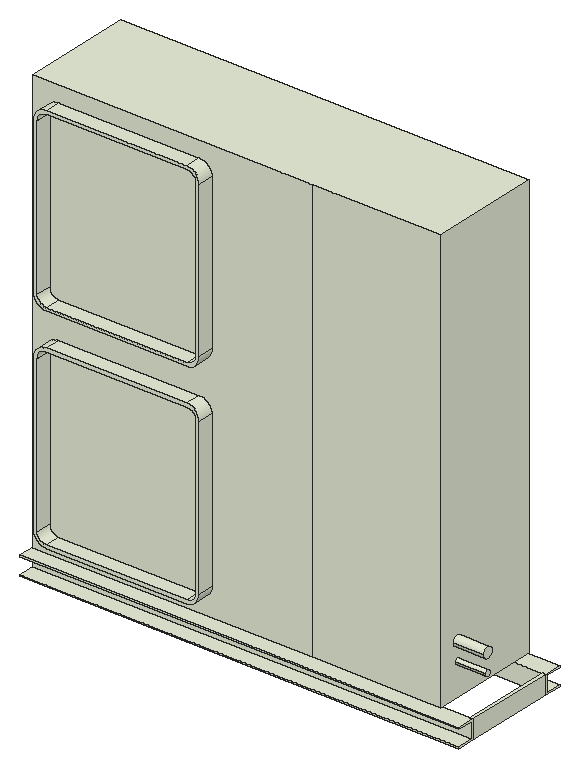
Revit family "Hydrablock 12-14-16", category Attrezzatura meccanica, Revit 2022 (continued)
Automatic sketch dimensions
  curve 322 to curve 342 = 0.000 mm  (x2)
  curve 322 to curve 343 = 0.000 mm  (x2)
  curve 322 to curve 344 = 0.000 mm  (x2)
  curve 322 to curve 345 = 0.000 mm  (x2)
  curve 322 to curve 346 = 0.000 mm  (x2)
  curve 322 to curve 347 = 0.000 mm  (x2)
  curve 322 to curve 348 = 0.000 mm  (x2)
  curve 322 to curve 349 = 0.000 mm  (x2)
  curve 322 to curve 350 = 0.000 mm  (x2)
  curve 322 to curve 351 = 0.000 mm  (x2)
  curve 322 to curve 352 = 0.000 mm  (x2)
  curve 322 to curve 353 = 0.000 mm  (x2)
  curve 322 to curve 354 = 0.000 mm  (x2)
  curve 322 to curve 355 = 0.000 mm  (x2)
  curve 322 to curve 356 = 0.000 mm  (x2)
  curve 322 to curve 357 = 0.000 mm  (x2)
  curve 322 to curve 358 = 0.000 mm  (x2)
  curve 322 to curve 359 = 0.000 mm  (x2)
  curve 322 to curve 360 = 0.000 mm  (x2)
  curve 322 to curve 361 = 0.000 mm  (x2)
  curve 322 to curve 362 = 0.000 mm  (x2)
  curve 322 to curve 363 = 0.000 mm  (x2)
  curve 322 to curve 364 = 0.000 mm  (x2)
  curve 322 to curve 365 = 0.000 mm  (x2)
  curve 322 to curve 366 = 0.000 mm  (x2)
  curve 322 to curve 367 = 0.000 mm  (x2)
  curve 323 to curve 324 = 0.000 mm  (x2)
  curve 323 to curve 325 = 0.000 mm  (x2)
  curve 323 to curve 326 = 0.000 mm  (x2)
  curve 323 to curve 327 = 0.000 mm  (x2)
  curve 323 to curve 332 = 0.000 mm  (x2)
  curve 323 to curve 333 = 0.000 mm  (x2)
  curve 323 to curve 334 = 0.000 mm  (x2)
  curve 323 to curve 335 = 0.000 mm  (x2)
  curve 323 to curve 337 = 0.000 mm  (x2)
  curve 323 to curve 338 = 0.000 mm  (x2)
  curve 323 to curve 339 = 0.000 mm  (x2)
  curve 323 to curve 340 = 0.000 mm  (x2)
  curve 323 to curve 341 = 0.000 mm  (x2)
  curve 323 to curve 342 = 0.000 mm  (x2)
  curve 323 to curve 343 = 0.000 mm  (x2)
  curve 323 to curve 344 = 0.000 mm  (x2)
  curve 323 to curve 345 = 0.000 mm  (x2)
  curve 323 to curve 346 = 0.000 mm  (x2)
  curve 323 to curve 347 = 0.000 mm  (x2)
  curve 323 to curve 348 = 0.000 mm  (x2)
  curve 323 to curve 349 = 0.000 mm  (x2)
  curve 323 to curve 350 = 0.000 mm  (x2)
  curve 323 to curve 351 = 0.000 mm  (x2)
  curve 323 to curve 352 = 0.000 mm  (x2)
  curve 323 to curve 353 = 0.000 mm  (x2)
  curve 323 to curve 354 = 0.000 mm  (x2)
  curve 323 to curve 355 = 0.000 mm  (x2)
  curve 323 to curve 356 = 0.000 mm  (x2)
  curve 323 to curve 357 = 0.000 mm  (x2)
  curve 323 to curve 358 = 0.000 mm  (x2)
  curve 323 to curve 359 = 0.000 mm  (x2)
  curve 323 to curve 360 = 0.000 mm  (x2)
  curve 323 to curve 361 = 0.000 mm  (x2)
  curve 323 to curve 362 = 0.000 mm  (x2)
  curve 323 to curve 363 = 0.000 mm  (x2)
  curve 323 to curve 364 = 0.000 mm  (x2)
  curve 323 to curve 365 = 0.000 mm  (x2)
  curve 323 to curve 366 = 0.000 mm  (x2)
  curve 323 to curve 367 = 0.000 mm  (x2)
  curve 324 to curve 325 = 0.000 mm  (x2)
  curve 324 to curve 326 = 0.000 mm  (x2)
  curve 324 to curve 327 = 0.000 mm  (x2)
  curve 324 to curve 332 = 0.000 mm  (x2)
  curve 324 to curve 333 = 0.000 mm  (x2)
  curve 324 to curve 334 = 0.000 mm  (x2)
  curve 324 to curve 335 = 0.000 mm  (x2)
  curve 324 to curve 337 = 0.000 mm  (x2)
  curve 324 to curve 338 = 0.000 mm  (x2)
  curve 324 to curve 339 = 0.000 mm  (x2)
  curve 324 to curve 340 = 0.000 mm  (x2)
  curve 324 to curve 341 = 0.000 mm  (x2)
  curve 324 to curve 342 = 0.000 mm  (x2)
  curve 324 to curve 343 = 0.000 mm  (x2)
  curve 324 to curve 344 = 0.000 mm  (x2)
  curve 324 to curve 345 = 0.000 mm  (x2)
  curve 324 to curve 346 = 0.000 mm  (x2)
  curve 324 to curve 347 = 0.000 mm  (x2)
  curve 324 to curve 348 = 0.000 mm  (x2)
  curve 324 to curve 349 = 0.000 mm  (x2)
  curve 324 to curve 350 = 0.000 mm  (x2)
  curve 324 to curve 351 = 0.000 mm  (x2)
  curve 324 to curve 352 = 0.000 mm  (x2)
  curve 324 to curve 353 = 0.000 mm  (x2)
  curve 324 to curve 354 = 0.000 mm  (x2)
  curve 324 to curve 355 = 0.000 mm  (x2)
  curve 324 to curve 356 = 0.000 mm  (x2)
  curve 324 to curve 357 = 0.000 mm  (x2)
  curve 324 to curve 358 = 0.000 mm  (x2)
  curve 324 to curve 359 = 0.000 mm  (x2)
  curve 324 to curve 360 = 0.000 mm  (x2)
  curve 324 to curve 361 = 0.000 mm  (x2)
  curve 324 to curve 362 = 0.000 mm  (x2)
  curve 324 to curve 363 = 0.000 mm  (x2)
  curve 324 to curve 364 = 0.000 mm  (x2)
  curve 324 to curve 365 = 0.000 mm  (x2)
  curve 324 to curve 366 = 0.000 mm  (x2)
  curve 324 to curve 367 = 0.000 mm  (x2)
  curve 325 to curve 326 = 0.000 mm  (x2)
  curve 325 to curve 327 = 0.000 mm  (x2)
  curve 325 to curve 332 = 0.000 mm  (x2)
  curve 325 to curve 333 = 0.000 mm  (x2)
  curve 325 to curve 334 = 0.000 mm  (x2)
  curve 325 to curve 335 = 0.000 mm  (x2)
  curve 325 to curve 337 = 0.000 mm  (x2)
  curve 325 to curve 338 = 0.000 mm  (x2)
  curve 325 to curve 339 = 0.000 mm  (x2)
  curve 325 to curve 340 = 0.000 mm  (x2)
  curve 325 to curve 341 = 0.000 mm  (x2)
  curve 325 to curve 342 = 0.000 mm  (x2)
  curve 325 to curve 343 = 0.000 mm  (x2)
  curve 325 to curve 344 = 0.000 mm  (x2)
  curve 325 to curve 345 = 0.000 mm  (x2)
  curve 325 to curve 346 = 0.000 mm  (x2)
  curve 325 to curve 347 = 0.000 mm  (x2)
  curve 325 to curve 348 = 0.000 mm  (x2)
  curve 325 to curve 349 = 0.000 mm  (x2)
  curve 325 to curve 350 = 0.000 mm  (x2)
  curve 325 to curve 351 = 0.000 mm  (x2)
  curve 325 to curve 352 = 0.000 mm  (x2)
  curve 325 to curve 353 = 0.000 mm  (x2)
  curve 325 to curve 354 = 0.000 mm  (x2)
  curve 325 to curve 355 = 0.000 mm  (x2)
  curve 325 to curve 356 = 0.000 mm  (x2)
  curve 325 to curve 357 = 0.000 mm  (x2)
  curve 325 to curve 358 = 0.000 mm  (x2)
  curve 325 to curve 359 = 0.000 mm  (x2)
  curve 325 to curve 360 = 0.000 mm  (x2)
  curve 325 to curve 361 = 0.000 mm  (x2)
  curve 325 to curve 362 = 0.000 mm  (x2)
  curve 325 to curve 363 = 0.000 mm  (x2)
  curve 325 to curve 364 = 0.000 mm  (x2)
  curve 325 to curve 365 = 0.000 mm  (x2)
  curve 325 to curve 366 = 0.000 mm  (x2)
  curve 325 to curve 367 = 0.000 mm  (x2)
  curve 326 to curve 327 = 0.000 mm  (x2)
  curve 326 to curve 332 = 0.000 mm  (x2)
  curve 326 to curve 333 = 0.000 mm  (x2)
  curve 326 to curve 334 = 0.000 mm  (x2)
  curve 326 to curve 335 = 0.000 mm  (x2)
  curve 326 to curve 337 = 0.000 mm  (x2)
  curve 326 to curve 338 = 0.000 mm  (x2)
  curve 326 to curve 339 = 0.000 mm  (x2)
  curve 326 to curve 340 = 0.000 mm  (x2)
  curve 326 to curve 341 = 0.000 mm  (x2)
  curve 326 to curve 342 = 0.000 mm  (x2)
  curve 326 to curve 343 = 0.000 mm  (x2)
  curve 326 to curve 344 = 0.000 mm  (x2)
  curve 326 to curve 345 = 0.000 mm  (x2)
  curve 326 to curve 346 = 0.000 mm  (x2)
  curve 326 to curve 347 = 0.000 mm  (x2)
  curve 326 to curve 348 = 0.000 mm  (x2)
  curve 326 to curve 349 = 0.000 mm  (x2)
  curve 326 to curve 350 = 0.000 mm  (x2)
  curve 326 to curve 351 = 0.000 mm  (x2)
  curve 326 to curve 352 = 0.000 mm  (x2)
  curve 326 to curve 353 = 0.000 mm  (x2)
  curve 326 to curve 354 = 0.000 mm  (x2)
  curve 326 to curve 355 = 0.000 mm  (x2)
  curve 326 to curve 356 = 0.000 mm  (x2)
  curve 326 to curve 357 = 0.000 mm  (x2)
  curve 326 to curve 358 = 0.000 mm  (x2)
  curve 326 to curve 359 = 0.000 mm  (x2)
  curve 326 to curve 360 = 0.000 mm  (x2)
  curve 326 to curve 361 = 0.000 mm  (x2)
  curve 326 to curve 362 = 0.000 mm  (x2)
  curve 326 to curve 363 = 0.000 mm  (x2)
  curve 326 to curve 364 = 0.000 mm  (x2)
  curve 326 to curve 365 = 0.000 mm  (x2)
  curve 326 to curve 366 = 0.000 mm  (x2)
  curve 326 to curve 367 = 0.000 mm  (x2)
  curve 327 to curve 332 = 0.000 mm  (x2)
  curve 327 to curve 333 = 0.000 mm  (x2)
  curve 327 to curve 334 = 0.000 mm  (x2)
  curve 327 to curve 335 = 0.000 mm  (x2)
  curve 327 to curve 337 = 0.000 mm  (x2)
  curve 327 to curve 338 = 0.000 mm  (x2)
  curve 327 to curve 339 = 0.000 mm  (x2)
  curve 327 to curve 340 = 0.000 mm  (x2)
  curve 327 to curve 341 = 0.000 mm  (x2)
  curve 327 to curve 342 = 0.000 mm  (x2)
  curve 327 to curve 343 = 0.000 mm  (x2)
  curve 327 to curve 344 = 0.000 mm  (x2)
  curve 327 to curve 345 = 0.000 mm  (x2)
  curve 327 to curve 346 = 0.000 mm  (x2)
  curve 327 to curve 347 = 0.000 mm  (x2)
  curve 327 to curve 348 = 0.000 mm  (x2)
  curve 327 to curve 349 = 0.000 mm  (x2)
  curve 327 to curve 350 = 0.000 mm  (x2)
  curve 327 to curve 351 = 0.000 mm  (x2)
  curve 327 to curve 352 = 0.000 mm  (x2)
  curve 327 to curve 353 = 0.000 mm  (x2)
  curve 327 to curve 354 = 0.000 mm  (x2)
  curve 327 to curve 355 = 0.000 mm  (x2)
  curve 327 to curve 356 = 0.000 mm  (x2)
  curve 327 to curve 357 = 0.000 mm  (x2)
  curve 327 to curve 358 = 0.000 mm  (x2)
  curve 327 to curve 359 = 0.000 mm  (x2)
  curve 327 to curve 360 = 0.000 mm  (x2)
  curve 327 to curve 361 = 0.000 mm  (x2)
  curve 327 to curve 362 = 0.000 mm  (x2)
  curve 327 to curve 363 = 0.000 mm  (x2)
  curve 327 to curve 364 = 0.000 mm  (x2)
  curve 327 to curve 365 = 0.000 mm  (x2)
  curve 327 to curve 366 = 0.000 mm  (x2)
  curve 327 to curve 367 = 0.000 mm  (x2)
  curve 332 to curve 333 = 0.000 mm  (x2)
  curve 332 to curve 334 = 0.000 mm  (x2)
  curve 332 to curve 335 = 0.000 mm  (x2)
  curve 332 to curve 337 = 0.000 mm  (x2)
  curve 332 to curve 338 = 0.000 mm  (x2)
  curve 332 to curve 339 = 0.000 mm  (x2)
  curve 332 to curve 340 = 0.000 mm  (x2)
  curve 332 to curve 341 = 0.000 mm  (x2)
  curve 332 to curve 342 = 0.000 mm  (x2)
  curve 332 to curve 343 = 0.000 mm  (x2)
  curve 332 to curve 344 = 0.000 mm  (x2)
  curve 332 to curve 345 = 0.000 mm  (x2)
  curve 332 to curve 346 = 0.000 mm  (x2)
  curve 332 to curve 347 = 0.000 mm  (x2)
  curve 332 to curve 348 = 0.000 mm  (x2)
  curve 332 to curve 349 = 0.000 mm  (x2)
  curve 332 to curve 350 = 0.000 mm  (x2)
  curve 332 to curve 351 = 0.000 mm  (x2)
  curve 332 to curve 352 = 0.000 mm  (x2)
  curve 332 to curve 353 = 0.000 mm  (x2)
  curve 332 to curve 354 = 0.000 mm  (x2)
  curve 332 to curve 355 = 0.000 mm  (x2)
  curve 332 to curve 356 = 0.000 mm  (x2)
  curve 332 to curve 357 = 0.000 mm  (x2)
  curve 332 to curve 358 = 0.000 mm  (x2)
  curve 332 to curve 359 = 0.000 mm  (x2)
  curve 332 to curve 360 = 0.000 mm  (x2)
  curve 332 to curve 361 = 0.000 mm  (x2)
  curve 332 to curve 362 = 0.000 mm  (x2)
  curve 332 to curve 363 = 0.000 mm  (x2)
  curve 332 to curve 364 = 0.000 mm  (x2)
  curve 332 to curve 365 = 0.000 mm  (x2)
  curve 332 to curve 366 = 0.000 mm  (x2)
  curve 332 to curve 367 = 0.000 mm  (x2)
  curve 333 to curve 334 = 0.000 mm  (x2)
  curve 333 to curve 335 = 0.000 mm  (x2)
  curve 333 to curve 337 = 0.000 mm  (x2)
  curve 333 to curve 338 = 0.000 mm  (x2)
  curve 333 to curve 339 = 0.000 mm  (x2)
  curve 333 to curve 340 = 0.000 mm  (x2)
  curve 333 to curve 341 = 0.000 mm  (x2)
  curve 333 to curve 342 = 0.000 mm  (x2)
  curve 333 to curve 343 = 0.000 mm  (x2)
  curve 333 to curve 344 = 0.000 mm  (x2)
  curve 333 to curve 345 = 0.000 mm  (x2)
  curve 333 to curve 346 = 0.000 mm  (x2)
  curve 333 to curve 347 = 0.000 mm  (x2)
  curve 333 to curve 348 = 0.000 mm  (x2)
  curve 333 to curve 349 = 0.000 mm  (x2)
  curve 333 to curve 350 = 0.000 mm  (x2)
  curve 333 to curve 351 = 0.000 mm  (x2)
  curve 333 to curve 352 = 0.000 mm  (x2)
  curve 333 to curve 353 = 0.000 mm  (x2)
  curve 333 to curve 354 = 0.000 mm  (x2)
  curve 333 to curve 355 = 0.000 mm  (x2)
  curve 333 to curve 356 = 0.000 mm  (x2)
  curve 333 to curve 357 = 0.000 mm  (x2)
  curve 333 to curve 358 = 0.000 mm  (x2)
  curve 333 to curve 359 = 0.000 mm  (x2)
  curve 333 to curve 360 = 0.000 mm  (x2)
  curve 333 to curve 361 = 0.000 mm  (x2)
  curve 333 to curve 362 = 0.000 mm  (x2)
  curve 333 to curve 363 = 0.000 mm  (x2)
  curve 333 to curve 364 = 0.000 mm  (x2)
  curve 333 to curve 365 = 0.000 mm  (x2)
  curve 333 to curve 366 = 0.000 mm  (x2)
  curve 333 to curve 367 = 0.000 mm  (x2)
  curve 334 to curve 335 = 0.000 mm  (x2)
  curve 334 to curve 337 = 0.000 mm  (x2)
  curve 334 to curve 338 = 0.000 mm  (x2)
  curve 334 to curve 339 = 0.000 mm  (x2)
  curve 334 to curve 340 = 0.000 mm  (x2)
  curve 334 to curve 341 = 0.000 mm  (x2)
  curve 334 to curve 342 = 0.000 mm  (x2)
  curve 334 to curve 343 = 0.000 mm  (x2)
  curve 334 to curve 344 = 0.000 mm  (x2)
  curve 334 to curve 345 = 0.000 mm  (x2)
  curve 334 to curve 346 = 0.000 mm  (x2)
  curve 334 to curve 347 = 0.000 mm  (x2)
  curve 334 to curve 348 = 0.000 mm  (x2)
  curve 334 to curve 349 = 0.000 mm  (x2)
  curve 334 to curve 350 = 0.000 mm  (x2)
  curve 334 to curve 351 = 0.000 mm  (x2)
  curve 334 to curve 352 = 0.000 mm  (x2)
  curve 334 to curve 353 = 0.000 mm  (x2)
  curve 334 to curve 354 = 0.000 mm  (x2)
  curve 334 to curve 355 = 0.000 mm  (x2)
  curve 334 to curve 356 = 0.000 mm  (x2)
  curve 334 to curve 357 = 0.000 mm  (x2)
  curve 334 to curve 358 = 0.000 mm  (x2)
  curve 334 to curve 359 = 0.000 mm  (x2)
  curve 334 to curve 360 = 0.000 mm  (x2)
  curve 334 to curve 361 = 0.000 mm  (x2)
  curve 334 to curve 362 = 0.000 mm  (x2)
  curve 334 to curve 363 = 0.000 mm  (x2)
  curve 334 to curve 364 = 0.000 mm  (x2)
  curve 334 to curve 365 = 0.000 mm  (x2)
  curve 334 to curve 366 = 0.000 mm  (x2)
  curve 334 to curve 367 = 0.000 mm  (x2)
  curve 335 to curve 337 = 0.000 mm  (x2)
  curve 335 to curve 338 = 0.000 mm  (x2)
  curve 335 to curve 339 = 0.000 mm  (x2)
  curve 335 to curve 340 = 0.000 mm  (x2)
  curve 335 to curve 341 = 0.000 mm  (x2)
  curve 335 to curve 342 = 0.000 mm  (x2)
  curve 335 to curve 343 = 0.000 mm  (x2)
  curve 335 to curve 344 = 0.000 mm  (x2)
  curve 335 to curve 345 = 0.000 mm  (x2)
  curve 335 to curve 346 = 0.000 mm  (x2)
  curve 335 to curve 347 = 0.000 mm  (x2)
  curve 335 to curve 348 = 0.000 mm  (x2)
  curve 335 to curve 349 = 0.000 mm  (x2)
  curve 335 to curve 350 = 0.000 mm  (x2)
  curve 335 to curve 351 = 0.000 mm  (x2)
  curve 335 to curve 352 = 0.000 mm  (x2)
  curve 335 to curve 353 = 0.000 mm  (x2)
  curve 335 to curve 354 = 0.000 mm  (x2)
  curve 335 to curve 355 = 0.000 mm  (x2)
  curve 335 to curve 356 = 0.000 mm  (x2)
  curve 335 to curve 357 = 0.000 mm  (x2)
  curve 335 to curve 358 = 0.000 mm  (x2)
  curve 335 to curve 359 = 0.000 mm  (x2)
  curve 335 to curve 360 = 0.000 mm  (x2)
  curve 335 to curve 361 = 0.000 mm  (x2)
  curve 335 to curve 362 = 0.000 mm  (x2)
  curve 335 to curve 363 = 0.000 mm  (x2)
  curve 335 to curve 364 = 0.000 mm  (x2)
  curve 335 to curve 365 = 0.000 mm  (x2)
  curve 335 to curve 366 = 0.000 mm  (x2)
  curve 335 to curve 367 = 0.000 mm  (x2)
  curve 337 to curve 338 = 0.000 mm  (x2)
  curve 337 to curve 339 = 0.000 mm  (x2)
  curve 337 to curve 340 = 0.000 mm  (x2)
  curve 337 to curve 341 = 0.000 mm  (x2)
  curve 337 to curve 342 = 0.000 mm  (x2)
  curve 337 to curve 343 = 0.000 mm  (x2)
  curve 337 to curve 344 = 0.000 mm  (x2)
  curve 337 to curve 345 = 0.000 mm  (x2)
  curve 337 to curve 346 = 0.000 mm  (x2)
  curve 337 to curve 347 = 0.000 mm  (x2)
  curve 337 to curve 348 = 0.000 mm  (x2)
  curve 337 to curve 349 = 0.000 mm  (x2)
  curve 337 to curve 350 = 0.000 mm  (x2)
  curve 337 to curve 351 = 0.000 mm  (x2)
  curve 337 to curve 352 = 0.000 mm  (x2)
  curve 337 to curve 353 = 0.000 mm  (x2)
  curve 337 to curve 354 = 0.000 mm  (x2)
  curve 337 to curve 355 = 0.000 mm  (x2)
  curve 337 to curve 356 = 0.000 mm  (x2)
  curve 337 to curve 357 = 0.000 mm  (x2)
  curve 337 to curve 358 = 0.000 mm  (x2)
  curve 337 to curve 359 = 0.000 mm  (x2)
  curve 337 to curve 360 = 0.000 mm  (x2)
  curve 337 to curve 361 = 0.000 mm  (x2)
  curve 337 to curve 362 = 0.000 mm  (x2)
  curve 337 to curve 363 = 0.000 mm  (x2)
  curve 337 to curve 364 = 0.000 mm  (x2)
  curve 337 to curve 365 = 0.000 mm  (x2)
  curve 337 to curve 366 = 0.000 mm  (x2)
  curve 337 to curve 367 = 0.000 mm  (x2)
  curve 338 to curve 339 = 0.000 mm  (x2)
  curve 338 to curve 340 = 0.000 mm  (x2)
  curve 338 to curve 341 = 0.000 mm  (x2)
  curve 338 to curve 342 = 0.000 mm  (x2)
  curve 338 to curve 343 = 0.000 mm  (x2)
  curve 338 to curve 344 = 0.000 mm  (x2)
  curve 338 to curve 345 = 0.000 mm  (x2)
  curve 338 to curve 346 = 0.000 mm  (x2)
  curve 338 to curve 347 = 0.000 mm  (x2)
  curve 338 to curve 348 = 0.000 mm  (x2)
  curve 338 to curve 349 = 0.000 mm  (x2)
  curve 338 to curve 350 = 0.000 mm  (x2)
  curve 338 to curve 351 = 0.000 mm  (x2)
  curve 338 to curve 352 = 0.000 mm  (x2)
  curve 338 to curve 353 = 0.000 mm  (x2)
  curve 338 to curve 354 = 0.000 mm  (x2)
  curve 338 to curve 355 = 0.000 mm  (x2)
  curve 338 to curve 356 = 0.000 mm  (x2)
  curve 338 to curve 357 = 0.000 mm  (x2)
  curve 338 to curve 358 = 0.000 mm  (x2)
  curve 338 to curve 359 = 0.000 mm  (x2)
  curve 338 to curve 360 = 0.000 mm  (x2)
  curve 338 to curve 361 = 0.000 mm  (x2)
  curve 338 to curve 362 = 0.000 mm  (x2)
  curve 338 to curve 363 = 0.000 mm  (x2)
  curve 338 to curve 364 = 0.000 mm  (x2)
  curve 338 to curve 365 = 0.000 mm  (x2)
  curve 338 to curve 366 = 0.000 mm  (x2)
  curve 338 to curve 367 = 0.000 mm  (x2)
  curve 339 to curve 340 = 0.000 mm  (x2)
  curve 339 to curve 341 = 0.000 mm  (x2)
  curve 339 to curve 342 = 0.000 mm  (x2)
  curve 339 to curve 343 = 0.000 mm  (x2)
  curve 339 to curve 344 = 0.000 mm  (x2)
  curve 339 to curve 345 = 0.000 mm  (x2)
  curve 339 to curve 346 = 0.000 mm  (x2)
  curve 339 to curve 347 = 0.000 mm  (x2)
  curve 339 to curve 348 = 0.000 mm  (x2)
  curve 339 to curve 349 = 0.000 mm  (x2)
  curve 339 to curve 350 = 0.000 mm  (x2)
  curve 339 to curve 351 = 0.000 mm  (x2)
  curve 339 to curve 352 = 0.000 mm  (x2)
  curve 339 to curve 353 = 0.000 mm  (x2)
  curve 339 to curve 354 = 0.000 mm  (x2)
  curve 339 to curve 355 = 0.000 mm  (x2)
  curve 339 to curve 356 = 0.000 mm  (x2)
  curve 339 to curve 357 = 0.000 mm  (x2)
  curve 339 to curve 358 = 0.000 mm  (x2)
  curve 339 to curve 359 = 0.000 mm  (x2)
  curve 339 to curve 360 = 0.000 mm  (x2)
  curve 339 to curve 361 = 0.000 mm  (x2)
  curve 339 to curve 362 = 0.000 mm  (x2)
  curve 339 to curve 363 = 0.000 mm  (x2)
  curve 339 to curve 364 = 0.000 mm  (x2)
  curve 339 to curve 365 = 0.000 mm  (x2)
  curve 339 to curve 366 = 0.000 mm  (x2)
  curve 339 to curve 367 = 0.000 mm  (x2)
  curve 340 to curve 341 = 0.000 mm  (x2)
  curve 340 to curve 342 = 0.000 mm  (x2)
  curve 340 to curve 343 = 0.000 mm  (x2)
  curve 340 to curve 344 = 0.000 mm  (x2)
  curve 340 to curve 345 = 0.000 mm  (x2)
  curve 340 to curve 346 = 0.000 mm  (x2)
  curve 340 to curve 347 = 0.000 mm  (x2)
  curve 340 to curve 348 = 0.000 mm  (x2)
  curve 340 to curve 349 = 0.000 mm  (x2)
  curve 340 to curve 350 = 0.000 mm  (x2)
  curve 340 to curve 351 = 0.000 mm  (x2)
  curve 340 to curve 352 = 0.000 mm  (x2)
  curve 340 to curve 353 = 0.000 mm  (x2)
  curve 340 to curve 354 = 0.000 mm  (x2)
  curve 340 to curve 355 = 0.000 mm  (x2)
  curve 340 to curve 356 = 0.000 mm  (x2)
  curve 340 to curve 357 = 0.000 mm  (x2)
  curve 340 to curve 358 = 0.000 mm  (x2)
  curve 340 to curve 359 = 0.000 mm  (x2)
  curve 340 to curve 360 = 0.000 mm  (x2)
  curve 340 to curve 361 = 0.000 mm  (x2)
  curve 340 to curve 362 = 0.000 mm  (x2)
  curve 340 to curve 363 = 0.000 mm  (x2)
  curve 340 to curve 364 = 0.000 mm  (x2)
  curve 340 to curve 365 = 0.000 mm  (x2)
  curve 340 to curve 366 = 0.000 mm  (x2)
  curve 340 to curve 367 = 0.000 mm  (x2)
  curve 341 to curve 342 = 0.000 mm  (x2)
  curve 341 to curve 343 = 0.000 mm  (x2)
  curve 341 to curve 344 = 0.000 mm  (x2)
  curve 341 to curve 345 = 0.000 mm  (x2)
  curve 341 to curve 346 = 0.000 mm  (x2)
  curve 341 to curve 347 = 0.000 mm  (x2)
  curve 341 to curve 348 = 0.000 mm  (x2)
  curve 341 to curve 349 = 0.000 mm  (x2)
  curve 341 to curve 350 = 0.000 mm  (x2)
  curve 341 to curve 351 = 0.000 mm  (x2)
  curve 341 to curve 352 = 0.000 mm  (x2)
  curve 341 to curve 353 = 0.000 mm  (x2)
  curve 341 to curve 354 = 0.000 mm  (x2)
  curve 341 to curve 355 = 0.000 mm  (x2)
  curve 341 to curve 356 = 0.000 mm  (x2)
  curve 341 to curve 357 = 0.000 mm  (x2)
  curve 341 to curve 358 = 0.000 mm  (x2)
  curve 341 to curve 359 = 0.000 mm  (x2)
  curve 341 to curve 360 = 0.000 mm  (x2)
  curve 341 to curve 361 = 0.000 mm  (x2)
  curve 341 to curve 362 = 0.000 mm  (x2)
  curve 341 to curve 363 = 0.000 mm  (x2)
  curve 341 to curve 364 = 0.000 mm  (x2)
  curve 341 to curve 365 = 0.000 mm  (x2)
  curve 341 to curve 366 = 0.000 mm  (x2)
  curve 341 to curve 367 = 0.000 mm  (x2)
  curve 342 to curve 343 = 0.000 mm  (x2)
  curve 342 to curve 344 = 0.000 mm  (x2)
  curve 342 to curve 345 = 0.000 mm  (x2)
  curve 342 to curve 346 = 0.000 mm  (x2)
  curve 342 to curve 347 = 0.000 mm  (x2)
  curve 342 to curve 348 = 0.000 mm  (x2)
  curve 342 to curve 349 = 0.000 mm  (x2)
  curve 342 to curve 350 = 0.000 mm  (x2)
  curve 342 to curve 351 = 0.000 mm  (x2)
  curve 342 to curve 352 = 0.000 mm  (x2)
  curve 342 to curve 353 = 0.000 mm  (x2)
  curve 342 to curve 354 = 0.000 mm  (x2)
  curve 342 to curve 355 = 0.000 mm  (x2)
  curve 342 to curve 356 = 0.000 mm  (x2)
  curve 342 to curve 357 = 0.000 mm  (x2)
  curve 342 to curve 358 = 0.000 mm  (x2)
  curve 342 to curve 359 = 0.000 mm  (x2)
  curve 342 to curve 360 = 0.000 mm  (x2)
  curve 342 to curve 361 = 0.000 mm  (x2)
  curve 342 to curve 362 = 0.000 mm  (x2)
  curve 342 to curve 363 = 0.000 mm  (x2)
  curve 342 to curve 364 = 0.000 mm  (x2)
  curve 342 to curve 365 = 0.000 mm  (x2)
  curve 342 to curve 366 = 0.000 mm  (x2)
  curve 342 to curve 367 = 0.000 mm  (x2)
  curve 343 to curve 344 = 0.000 mm  (x2)
  curve 343 to curve 345 = 0.000 mm  (x2)
  curve 343 to curve 346 = 0.000 mm  (x2)
  curve 343 to curve 347 = 0.000 mm  (x2)
  curve 343 to curve 348 = 0.000 mm  (x2)
  curve 343 to curve 349 = 0.000 mm  (x2)
  curve 343 to curve 350 = 0.000 mm  (x2)
  curve 343 to curve 351 = 0.000 mm  (x2)
  curve 343 to curve 352 = 0.000 mm  (x2)
  curve 343 to curve 353 = 0.000 mm  (x2)
  curve 343 to curve 354 = 0.000 mm  (x2)
  curve 343 to curve 355 = 0.000 mm  (x2)
  curve 343 to curve 356 = 0.000 mm  (x2)
  curve 343 to curve 357 = 0.000 mm  (x2)
  curve 343 to curve 358 = 0.000 mm  (x2)
  curve 343 to curve 359 = 0.000 mm  (x2)
  curve 343 to curve 360 = 0.000 mm  (x2)
  curve 343 to curve 361 = 0.000 mm  (x2)
  curve 343 to curve 362 = 0.000 mm  (x2)
  curve 343 to curve 363 = 0.000 mm  (x2)
  curve 343 to curve 364 = 0.000 mm  (x2)
  curve 343 to curve 365 = 0.000 mm  (x2)
  curve 343 to curve 366 = 0.000 mm  (x2)
  curve 343 to curve 367 = 0.000 mm  (x2)
  curve 344 to curve 345 = 0.000 mm  (x2)
  curve 344 to curve 346 = 0.000 mm  (x2)
  curve 344 to curve 347 = 0.000 mm  (x2)
  curve 344 to curve 348 = 0.000 mm  (x2)
  curve 344 to curve 349 = 0.000 mm  (x2)
  curve 344 to curve 350 = 0.000 mm  (x2)
  curve 344 to curve 351 = 0.000 mm  (x2)
  curve 344 to curve 352 = 0.000 mm  (x2)
  curve 344 to curve 353 = 0.000 mm  (x2)
  curve 344 to curve 354 = 0.000 mm  (x2)
  curve 344 to curve 355 = 0.000 mm  (x2)
  curve 344 to curve 356 = 0.000 mm  (x2)
  curve 344 to curve 357 = 0.000 mm  (x2)
  curve 344 to curve 358 = 0.000 mm  (x2)
  curve 344 to curve 359 = 0.000 mm  (x2)
  curve 344 to curve 360 = 0.000 mm  (x2)
  curve 344 to curve 361 = 0.000 mm  (x2)
  curve 344 to curve 362 = 0.000 mm  (x2)
  curve 344 to curve 363 = 0.000 mm  (x2)
  curve 344 to curve 364 = 0.000 mm  (x2)
  curve 344 to curve 365 = 0.000 mm  (x2)
  curve 344 to curve 366 = 0.000 mm  (x2)
  curve 344 to curve 367 = 0.000 mm  (x2)
  curve 345 to curve 346 = 0.000 mm  (x2)
  curve 345 to curve 347 = 0.000 mm  (x2)
  curve 345 to curve 348 = 0.000 mm  (x2)
  curve 345 to curve 349 = 0.000 mm  (x2)
  curve 345 to curve 350 = 0.000 mm  (x2)
  curve 345 to curve 351 = 0.000 mm  (x2)
  curve 345 to curve 352 = 0.000 mm  (x2)
  curve 345 to curve 353 = 0.000 mm  (x2)
  curve 345 to curve 354 = 0.000 mm  (x2)
  curve 345 to curve 355 = 0.000 mm  (x2)
  curve 345 to curve 356 = 0.000 mm  (x2)
  curve 345 to curve 357 = 0.000 mm  (x2)
  curve 345 to curve 358 = 0.000 mm  (x2)
  curve 345 to curve 359 = 0.000 mm  (x2)
  curve 345 to curve 360 = 0.000 mm  (x2)
  curve 345 to curve 361 = 0.000 mm  (x2)
  curve 345 to curve 362 = 0.000 mm  (x2)
  curve 345 to curve 363 = 0.000 mm  (x2)
  curve 345 to curve 364 = 0.000 mm  (x2)
  curve 345 to curve 365 = 0.000 mm  (x2)
  curve 345 to curve 366 = 0.000 mm  (x2)
  curve 345 to curve 367 = 0.000 mm  (x2)
  curve 346 to curve 347 = 0.000 mm  (x2)
  curve 346 to curve 348 = 0.000 mm  (x2)
  curve 346 to curve 349 = 0.000 mm  (x2)
  curve 346 to curve 350 = 0.000 mm  (x2)
  curve 346 to curve 351 = 0.000 mm  (x2)
  curve 346 to curve 352 = 0.000 mm  (x2)
  curve 346 to curve 353 = 0.000 mm  (x2)
  curve 346 to curve 354 = 0.000 mm  (x2)
  curve 346 to curve 355 = 0.000 mm  (x2)
  curve 346 to curve 356 = 0.000 mm  (x2)
  curve 346 to curve 357 = 0.000 mm  (x2)
  curve 346 to curve 358 = 0.000 mm  (x2)
  curve 346 to curve 359 = 0.000 mm  (x2)
  curve 346 to curve 360 = 0.000 mm  (x2)
  curve 346 to curve 361 = 0.000 mm  (x2)
  curve 346 to curve 362 = 0.000 mm  (x2)
  curve 346 to curve 363 = 0.000 mm  (x2)
  curve 346 to curve 364 = 0.000 mm  (x2)
  curve 346 to curve 365 = 0.000 mm  (x2)
  curve 346 to curve 366 = 0.000 mm  (x2)
  curve 346 to curve 367 = 0.000 mm  (x2)
  curve 347 to curve 348 = 0.000 mm  (x2)
  curve 347 to curve 349 = 0.000 mm  (x2)
  curve 347 to curve 350 = 0.000 mm  (x2)
  curve 347 to curve 351 = 0.000 mm  (x2)
  curve 347 to curve 352 = 0.000 mm  (x2)
  curve 347 to curve 353 = 0.000 mm  (x2)
  curve 347 to curve 354 = 0.000 mm  (x2)
  curve 347 to curve 355 = 0.000 mm  (x2)
  curve 347 to curve 356 = 0.000 mm  (x2)
  curve 347 to curve 357 = 0.000 mm  (x2)
  curve 347 to curve 358 = 0.000 mm  (x2)
  curve 347 to curve 359 = 0.000 mm  (x2)
  curve 347 to curve 360 = 0.000 mm  (x2)
  curve 347 to curve 361 = 0.000 mm  (x2)
  curve 347 to curve 362 = 0.000 mm  (x2)
  curve 347 to curve 363 = 0.000 mm  (x2)
  curve 347 to curve 364 = 0.000 mm  (x2)
  curve 347 to curve 365 = 0.000 mm  (x2)
  curve 347 to curve 366 = 0.000 mm  (x2)
  curve 347 to curve 367 = 0.000 mm  (x2)
  curve 348 to curve 349 = 0.000 mm  (x2)
  curve 348 to curve 350 = 0.000 mm  (x2)
  curve 348 to curve 351 = 0.000 mm  (x2)
  curve 348 to curve 352 = 0.000 mm  (x2)
  curve 348 to curve 353 = 0.000 mm  (x2)
  curve 348 to curve 354 = 0.000 mm  (x2)
  curve 348 to curve 355 = 0.000 mm  (x2)
  curve 348 to curve 356 = 0.000 mm  (x2)
  curve 348 to curve 357 = 0.000 mm  (x2)
  curve 348 to curve 358 = 0.000 mm  (x2)
  curve 348 to curve 359 = 0.000 mm  (x2)
  curve 348 to curve 360 = 0.000 mm  (x2)
  curve 348 to curve 361 = 0.000 mm  (x2)
  curve 348 to curve 362 = 0.000 mm  (x2)
  curve 348 to curve 363 = 0.000 mm  (x2)
  curve 348 to curve 364 = 0.000 mm  (x2)
  curve 348 to curve 365 = 0.000 mm  (x2)
  curve 348 to curve 366 = 0.000 mm  (x2)
  curve 348 to curve 367 = 0.000 mm  (x2)
  curve 349 to curve 350 = 0.000 mm  (x2)
  curve 349 to curve 351 = 0.000 mm  (x2)
  curve 349 to curve 352 = 0.000 mm  (x2)
  curve 349 to curve 353 = 0.000 mm  (x2)
  curve 349 to curve 354 = 0.000 mm  (x2)
  curve 349 to curve 355 = 0.000 mm  (x2)
  curve 349 to curve 356 = 0.000 mm  (x2)
  curve 349 to curve 357 = 0.000 mm  (x2)
  curve 349 to curve 358 = 0.000 mm  (x2)
  curve 349 to curve 359 = 0.000 mm  (x2)
  curve 349 to curve 360 = 0.000 mm  (x2)
  curve 349 to curve 361 = 0.000 mm  (x2)
  curve 349 to curve 362 = 0.000 mm  (x2)
  curve 349 to curve 363 = 0.000 mm  (x2)
  curve 349 to curve 364 = 0.000 mm  (x2)
  curve 349 to curve 365 = 0.000 mm  (x2)
  curve 349 to curve 366 = 0.000 mm  (x2)
  curve 349 to curve 367 = 0.000 mm  (x2)
  curve 350 to curve 351 = 0.000 mm  (x2)
  curve 350 to curve 352 = 0.000 mm  (x2)
  curve 350 to curve 353 = 0.000 mm  (x2)
  curve 350 to curve 354 = 0.000 mm  (x2)
  curve 350 to curve 355 = 0.000 mm  (x2)
  curve 350 to curve 356 = 0.000 mm  (x2)
  curve 350 to curve 357 = 0.000 mm  (x2)
  curve 350 to curve 358 = 0.000 mm  (x2)
  curve 350 to curve 359 = 0.000 mm  (x2)
  curve 350 to curve 360 = 0.000 mm  (x2)
  curve 350 to curve 361 = 0.000 mm  (x2)
  curve 350 to curve 362 = 0.000 mm  (x2)
  curve 350 to curve 363 = 0.000 mm  (x2)
  curve 350 to curve 364 = 0.000 mm  (x2)
  curve 350 to curve 365 = 0.000 mm  (x2)
  curve 350 to curve 366 = 0.000 mm  (x2)
  curve 350 to curve 367 = 0.000 mm  (x2)
  curve 351 to curve 352 = 0.000 mm  (x2)
  curve 351 to curve 353 = 0.000 mm  (x2)
  curve 351 to curve 354 = 0.000 mm  (x2)
  curve 351 to curve 355 = 0.000 mm  (x2)
  curve 351 to curve 356 = 0.000 mm  (x2)
  curve 351 to curve 357 = 0.000 mm  (x2)
  curve 351 to curve 358 = 0.000 mm  (x2)
  curve 351 to curve 359 = 0.000 mm  (x2)
  curve 351 to curve 360 = 0.000 mm  (x2)
  curve 351 to curve 361 = 0.000 mm  (x2)
  curve 351 to curve 362 = 0.000 mm  (x2)
  curve 351 to curve 363 = 0.000 mm  (x2)
  curve 351 to curve 364 = 0.000 mm  (x2)
  curve 351 to curve 365 = 0.000 mm  (x2)
  curve 351 to curve 366 = 0.000 mm  (x2)
  curve 351 to curve 367 = 0.000 mm  (x2)
  curve 352 to curve 353 = 0.000 mm  (x2)
  curve 352 to curve 354 = 0.000 mm  (x2)
  curve 352 to curve 355 = 0.000 mm  (x2)
  curve 352 to curve 356 = 0.000 mm  (x2)
  curve 352 to curve 357 = 0.000 mm  (x2)
  curve 352 to curve 358 = 0.000 mm  (x2)
  curve 352 to curve 359 = 0.000 mm  (x2)
  curve 352 to curve 360 = 0.000 mm  (x2)
  curve 352 to curve 361 = 0.000 mm  (x2)
  curve 352 to curve 362 = 0.000 mm  (x2)
  curve 352 to curve 363 = 0.000 mm  (x2)
  curve 352 to curve 364 = 0.000 mm  (x2)
  curve 352 to curve 365 = 0.000 mm  (x2)
  curve 352 to curve 366 = 0.000 mm  (x2)
  curve 352 to curve 367 = 0.000 mm  (x2)
  curve 353 to curve 354 = 0.000 mm  (x2)
  curve 353 to curve 355 = 0.000 mm  (x2)
  curve 353 to curve 356 = 0.000 mm  (x2)
  curve 353 to curve 357 = 0.000 mm  (x2)
  curve 353 to curve 358 = 0.000 mm  (x2)
  curve 353 to curve 359 = 0.000 mm  (x2)
  curve 353 to curve 360 = 0.000 mm  (x2)
  curve 353 to curve 361 = 0.000 mm  (x2)
  curve 353 to curve 362 = 0.000 mm  (x2)
  curve 353 to curve 363 = 0.000 mm  (x2)
  curve 353 to curve 364 = 0.000 mm  (x2)
  curve 353 to curve 365 = 0.000 mm  (x2)
  curve 353 to curve 366 = 0.000 mm  (x2)
  curve 353 to curve 367 = 0.000 mm  (x2)
  curve 354 to curve 355 = 0.000 mm  (x2)
  curve 354 to curve 356 = 0.000 mm  (x2)
  curve 354 to curve 357 = 0.000 mm  (x2)
  curve 354 to curve 358 = 0.000 mm  (x2)
  curve 354 to curve 359 = 0.000 mm  (x2)
  curve 354 to curve 360 = 0.000 mm  (x2)
  curve 354 to curve 361 = 0.000 mm  (x2)
  curve 354 to curve 362 = 0.000 mm  (x2)
  curve 354 to curve 363 = 0.000 mm  (x2)
  curve 354 to curve 364 = 0.000 mm  (x2)
  curve 354 to curve 365 = 0.000 mm  (x2)
  curve 354 to curve 366 = 0.000 mm  (x2)
  curve 354 to curve 367 = 0.000 mm  (x2)
  curve 355 to curve 356 = 0.000 mm  (x2)
  curve 355 to curve 357 = 0.000 mm  (x2)
  curve 355 to curve 358 = 0.000 mm  (x2)
  curve 355 to curve 359 = 0.000 mm  (x2)
  curve 355 to curve 360 = 0.000 mm  (x2)
  curve 355 to curve 361 = 0.000 mm  (x2)
  curve 355 to curve 362 = 0.000 mm  (x2)
  curve 355 to curve 363 = 0.000 mm  (x2)
  curve 355 to curve 364 = 0.000 mm  (x2)
  curve 355 to curve 365 = 0.000 mm  (x2)
  curve 355 to curve 366 = 0.000 mm  (x2)
  curve 355 to curve 367 = 0.000 mm  (x2)
  curve 356 to curve 357 = 0.000 mm  (x2)
  curve 356 to curve 358 = 0.000 mm  (x2)
  curve 356 to curve 359 = 0.000 mm  (x2)
  curve 356 to curve 360 = 0.000 mm  (x2)
  curve 356 to curve 361 = 0.000 mm  (x2)
  curve 356 to curve 362 = 0.000 mm  (x2)
  curve 356 to curve 363 = 0.000 mm  (x2)
  curve 356 to curve 364 = 0.000 mm  (x2)
  curve 356 to curve 365 = 0.000 mm  (x2)
  curve 356 to curve 366 = 0.000 mm  (x2)
  curve 356 to curve 367 = 0.000 mm  (x2)
  curve 357 to curve 358 = 0.000 mm  (x2)
  curve 357 to curve 359 = 0.000 mm  (x2)
  curve 357 to curve 360 = 0.000 mm  (x2)
  curve 357 to curve 361 = 0.000 mm  (x2)
  curve 357 to curve 362 = 0.000 mm  (x2)
  curve 357 to curve 363 = 0.000 mm  (x2)
  curve 357 to curve 364 = 0.000 mm  (x2)
  curve 357 to curve 365 = 0.000 mm  (x2)
  curve 357 to curve 366 = 0.000 mm  (x2)
  curve 357 to curve 367 = 0.000 mm  (x2)
  curve 358 to curve 359 = 0.000 mm  (x2)
  curve 358 to curve 360 = 0.000 mm  (x2)
  curve 358 to curve 361 = 0.000 mm  (x2)
  curve 358 to curve 362 = 0.000 mm  (x2)
  curve 358 to curve 363 = 0.000 mm  (x2)
  curve 358 to curve 364 = 0.000 mm  (x2)
  curve 358 to curve 365 = 0.000 mm  (x2)
  curve 358 to curve 366 = 0.000 mm  (x2)
  curve 358 to curve 367 = 0.000 mm  (x2)
  curve 359 to curve 360 = 0.000 mm  (x2)
  curve 359 to curve 361 = 0.000 mm  (x2)
  curve 359 to curve 362 = 0.000 mm  (x2)
  curve 359 to curve 363 = 0.000 mm  (x2)
  curve 359 to curve 364 = 0.000 mm  (x2)
  curve 359 to curve 365 = 0.000 mm  (x2)
  curve 359 to curve 366 = 0.000 mm  (x2)
  curve 359 to curve 367 = 0.000 mm  (x2)
  curve 360 to curve 361 = 0.000 mm  (x2)
  curve 360 to curve 362 = 0.000 mm  (x2)
  curve 360 to curve 363 = 0.000 mm  (x2)
  curve 360 to curve 364 = 0.000 mm  (x2)
  curve 360 to curve 365 = 0.000 mm  (x2)
  curve 360 to curve 366 = 0.000 mm  (x2)
  curve 360 to curve 367 = 0.000 mm  (x2)
  curve 361 to curve 362 = 0.000 mm  (x2)
  curve 361 to curve 363 = 0.000 mm  (x2)
  curve 361 to curve 364 = 0.000 mm  (x2)
  curve 361 to curve 365 = 0.000 mm  (x2)
  curve 361 to curve 366 = 0.000 mm  (x2)
  curve 361 to curve 367 = 0.000 mm  (x2)
  curve 362 to curve 363 = 0.000 mm  (x2)
  curve 362 to curve 364 = 0.000 mm  (x2)
  curve 362 to curve 365 = 0.000 mm  (x2)
  curve 362 to curve 366 = 0.000 mm  (x2)
  curve 362 to curve 367 = 0.000 mm  (x2)
  curve 363 to curve 364 = 0.000 mm  (x2)
  curve 363 to curve 365 = 0.000 mm  (x2)
  curve 363 to curve 366 = 0.000 mm  (x2)
  curve 363 to curve 367 = 0.000 mm  (x2)
  curve 364 to curve 365 = 0.000 mm  (x2)
  curve 364 to curve 366 = 0.000 mm  (x2)
  curve 364 to curve 367 = 0.000 mm  (x2)
  curve 365 to curve 366 = 0.000 mm  (x2)
  curve 365 to curve 367 = 0.000 mm  (x2)
  curve 366 to curve 367 = 0.000 mm  (x2)
  curve 302 to Extrusion 7 = 0.000 mm  (x2)
  Extrusion 7 to curve 302 = 253.000 mm
  Extrusion 7 to curve 301 = 0.000 mm
  curve 356 to Extrusion 7 = 0.000 mm
  Extrusion 7 to curve 371 = 4.389 mm
  Extrusion 7 to curve 372 = 5.000 mm
  Extrusion 7 to curve 371 = 0.776 mm
  Extrusion 7 to curve 371 = 23.221 mm
  Extrusion 7 to curve 328 = 30.000 mm
  curve 371 to curve 330 = 6.779 mm
  curve 328 to curve 345 = 11.058 mm
  curve 330 to curve 352 = 11.058 mm
  curve 352 to curve 351 = 16.784 mm
  curve 345 to curve 344 = 16.784 mm
  curve 344 to curve 374 = 17.795 mm
  curve 343 to curve 374 = 0.000 mm
  curve 351 to curve 350 = 17.795 mm
  curve 350 to curve 349 = 19.141 mm
  curve 343 to curve 342 = 19.141 mm
  curve 342 to curve 341 = 21.042 mm
  curve 349 to curve 348 = 21.042 mm
  curve 370 to curve 368 = 120.070 mm
  curve 348 to curve 347 = 23.980 mm
  curve 341 to curve 340 = 23.980 mm
  curve 340 to curve 373 = 20.935 mm
  curve 347 to curve 346 = 29.345 mm
  curve 340 to curve 339 = 29.345 mm
  curve 370 to curve 368 = 40.878 mm
  curve 335 to curve 370 = 0.000 mm
  curve 337 to curve 375 = 40.878 mm
  curve 320 to curve 372 = 1.000 mm
  curve 339 to curve 373 = 0.000 mm
  curve 375 to curve 374 = 22.272 mm
  curve 302 to curve 336 = 32.407 mm
  curve 302 to curve 360 = 40.878 mm
  curve 368 to curve 369 = 50.684 mm
  curve 360 to curve 361 = 44.977 mm
  curve 336 to curve 353 = 53.448 mm
  curve 353 to curve 354 = 29.345 mm
  curve 361 to curve 362 = 29.345 mm
  Extrusion 7 to curve 377 = 125.500 mm
  curve 354 to curve 369 = 23.980 mm
  curve 362 to curve 363 = 23.980 mm
  curve 355 to curve 369 = 0.000 mm
  curve 363 to curve 364 = 21.042 mm
  curve 369 to curve 356 = 21.042 mm
  Extrusion 7 to curve 375 = 85.649 mm
  curve 356 to curve 357 = 19.141 mm
  curve 364 to curve 365 = 19.141 mm
  curve 357 to curve 358 = 17.795 mm
  curve 365 to curve 366 = 17.795 mm
  curve 358 to curve 359 = 16.784 mm
  curve 366 to curve 367 = 16.784 mm
  curve 376 to curve 367 = 0.000 mm
  curve 359 to curve 330 = 9.058 mm
  curve 376 to curve 328 = 11.058 mm
  Extrusion 7 to curve 376 = 1.499 mm
  Extrusion 7 to curve 331 = 30.000 mm
  Extrusion 7 to curve 329 = 30.000 mm
  curve 331 to curve 359 = 5.151 mm
  Extrusion 7 to curve 369 = 129.000 mm
  curve 369 to curve 368 = 9.500 mm
  curve 368 to curve 370 = 14.703 mm
  curve 353 to curve 336 = 24.912 mm
  curve 336 to curve 334 = 22.538 mm
  curve 334 to curve 333 = 34.367 mm
  curve 333 to curve 371 = 25.677 mm
  curve 370 to curve 372 = 123.797 mm
  curve 374 to curve 369 = 0.000 mm
  curve 333 to curve 377 = 59.925 mm
  curve 376 to curve 371 = 0.000 mm
  curve 375 to curve 369 = 0.000 mm
  curve 373 to curve 344 = 0.000 mm
  curve 377 to curve 301 = 1.000 mm
  curve 301 to curve 332 = 49.744 mm
  curve 373 to curve 337 = 26.909 mm
  curve 338 to curve 373 = 0.000 mm
  curve 345 to curve 329 = 8.261 mm
  curve 367 to curve 331 = 7.151 mm
  radius of Extrusion 2 sketch curve = 8.000 mm
  radius of Extrusion 3 sketch curve = 16.000 mm
  radius of curve 4 = 10.000 mm
  radius of curve 5 = 20.000 mm
  radius of curve 6 = 30.000 mm
  radius of curve 7 = 40.000 mm
  radius of curve 8 = 50.000 mm
  radius of curve 9 = 60.000 mm
  radius of curve 10 = 70.000 mm
  radius of curve 11 = 80.000 mm
  radius of curve 12 = 90.000 mm
  radius of curve 13 = 100.000 mm
  radius of curve 14 = 110.000 mm
  radius of curve 15 = 120.000 mm
  radius of curve 16 = 130.000 mm
  radius of curve 17 = 140.000 mm
  radius of curve 18 = 150.000 mm
  radius of curve 19 = 160.000 mm
  radius of curve 20 = 170.000 mm
  radius of curve 21 = 180.000 mm
  radius of curve 22 = 190.000 mm
  radius of curve 23 = 200.000 mm
  radius of curve 24 = 210.000 mm
  radius of curve 25 = 220.000 mm
  radius of curve 26 = 230.000 mm
  radius of curve 27 = 240.000 mm
  radius of curve 303 = 10.000 mm
  radius of curve 304 = 20.000 mm
  radius of curve 305 = 30.000 mm
  radius of curve 306 = 40.000 mm
  radius of curve 307 = 50.000 mm
  radius of curve 308 = 60.000 mm
  radius of curve 309 = 70.000 mm
  radius of curve 310 = 80.000 mm
  radius of curve 311 = 90.000 mm
  radius of curve 312 = 100.000 mm
  radius of curve 313 = 110.000 mm
  radius of curve 314 = 120.000 mm
  radius of curve 315 = 130.000 mm
  radius of curve 316 = 140.000 mm
  radius of curve 317 = 150.000 mm
  radius of curve 318 = 160.000 mm
  radius of curve 319 = 170.000 mm
  radius of curve 320 = 180.000 mm
  radius of curve 321 = 190.000 mm
  radius of curve 322 = 200.000 mm
  radius of curve 323 = 210.000 mm
  radius of curve 324 = 220.000 mm
  radius of curve 325 = 230.000 mm
  radius of curve 326 = 240.000 mm
Nested families
  nested 1: "Midea service space" at (0, -1902, 0), visible <- "clearance", Height <- "Height", type "Midea Service  Space"
    with Width 1404.000 mm, Height 1414.000 mm, Depth 1500.000 mm
  nested 2: "Midea service space" at (-600, -402, 0), visible <- "clearance", Height <- "Height", type "Midea Service  Space"
    with Width 600.000 mm, Height 1414.000 mm, Depth 405.000 mm
  nested 3: "Midea service space" at (0, 3, 0), visible <- "clearance", Height <- "Height", type "Midea Service  Space"
    with Width 1404.000 mm, Height 1414.000 mm, Depth 300.000 mm
  nested 4: "Midea service space" at (1404, -402, 0), visible <- "clearance", Height <- "Height", type "Midea Service  Space"
    with Width 600.000 mm, Height 1414.000 mm, Depth 405.000 mm
  nested 5: "dadijia" at (702, -201, 0) x (0, 1, 0) z (0, 0, 1), type "dadijia", detail levels fine
Connectors
  piping at (1404, -286.653, 224), diameter 32
    settings: on Extrusion 3, index 1, connector inside diameter 32 mm, connector length 0.000 mm, flow factor 0, pipe flow 0.0 m³/h, pressure drop 0.0 Pa, fitting loss kfactor 0, connector angle 0.00°, fixture units 0, engagement length 0.000 mm, angle of deflection 0.00°, flow configuration 1, flow direction 0, fitting loss method 4, system type 22, joint type 0, gender type 0, connector reference index -1, connector utility 0, adjustable connector no, is connector primary yes, connector description "Water piping connections"
  piping at (1404, -286.653, 165), diameter 16
    settings: on Extrusion 2, index 2, connector inside diameter 16 mm, connector length 0.000 mm, flow factor 0, pipe flow 0.0 m³/h, pressure drop 0.0 Pa, fitting loss kfactor 0, connector angle 0.00°, fixture units 0, engagement length 0.000 mm, angle of deflection 0.00°, flow configuration 1, flow direction 0, fitting loss method 4, system type 22, joint type 0, gender type 0, connector reference index -1, connector utility 0, adjustable connector no, is connector primary no, connector description "Drain piping"
  electrical at (1304, -174.5, 737)
    settings: on Extrusion 1, index 3, voltage 220 V, apparent load 0 VA, apparent load phase1 0 VA, apparent load phase2 0 VA, apparent load phase3 0 VA, power factor 1, load classification "Other", number of poles 1, system type 30, power factor state 1, is connector primary yes, connector utility no, sub classification motor no, connector description "The location of electrical connectors is not the same as the actual location because the wiring terminal is inside the unit."
Definition of nested family "Midea service space"
  Parameters
    Width [instance] = 500.000 mm
    Default Elevation = 0.000 mm
    Height [instance] = 500.000 mm
    Depth [instance] = 500.000 mm
  Reference planes
    plane 1 "Center (Front/Back)": y = 0
    plane 2: z = 0
    plane 3 "Center (Left/Right)": x = 0
    plane 4: z = 500
    plane 5: y = 500
    plane 6: x = 500
  Forms (mm)
    Extrusion 1, solid
      sketch origin (0, 0, 0) x (1, 0, 0) y (0, 1, 0)
        loop
          line (0, 500) -> (0, 0) -> (500, 0) -> (500, 500) -> (0, 500)
      from 0 to 500
  Dimensions and locks
    "Width": plane 3 "Center (Left/Right)" to plane 6
    "Depth": plane 5 to plane 1 "Center (Front/Back)"
    "Height": level to plane 4
    aligned and locked: level to plane 2
    aligned and locked: plane 5 to Extrusion 1
    aligned and locked: Extrusion 1 to plane 6
    aligned and locked: Extrusion 1 to plane 3 "Center (Left/Right)"
    aligned and locked: plane 1 "Center (Front/Back)" to Extrusion 1
    aligned and locked: Extrusion 1 to plane 4
  Automatic sketch dimensions
    Extrusion 1 sketch curve to plane 3 "Center (Left/Right)" = 0.000 mm
    plane 1 "Center (Front/Back)" to Extrusion 1 sketch curve = 0.000 mm
    Extrusion 1 sketch curve to plane 6 = 0.000 mm
    Extrusion 1 sketch curve to plane 5 = 0.000 mm
Definition of nested family "dadijia"
  Parameters
    height2 = height - 10.000 mm  # 50.000 mm
    height = 60.000 mm
    Default Elevation = 0.000 mm
    Machine material = none
  Reference planes
    plane 1 "Center (Front/Back)": y = 0
    plane 2: z = 0
    plane 3 "Center (Left/Right)": x = 0
    plane 4: x = 201
    plane 5: x = -201
    plane 6: z = 60
    plane 7: x = 145
    plane 8: x = -145
    plane 9: y = 702
    plane 10: y = -702
  Forms (mm)
    Extrusion 1, solid, material <- "Machine material"
      sketch origin (0, 0, 0) x (1, 0, 0) y (0, 0, 1)
        loop
          line (-201, 60) -> (-201, 55) -> (-151, 55) -> (-151, 5) -> (-201, 5) -> (-201, 0) -> (-145, 0) -> (-145, 60) -> (-201, 60)
        loop
          line (201, 60) -> (145, 60) -> (145, 0) -> (201, 0) -> (201, 5) -> (151, 5) -> (151, 55) -> (201, 55) -> (201, 60)
      from -702 to 702
    Extrusion 2, solid, material <- "Machine material"
      sketch origin (0, 97, 0) x (1, 0, 0) y (0, 1, 0)
        loop
          line (-145, 605) -> (-145, 595) -> (145, 595) -> (145, 605) -> (-145, 605)
        loop
          line (145, -799) -> (145, -789) -> (-145, -789) -> (-145, -799) -> (145, -799)
      from 0 to 60
  Dimensions and locks
    Extrusion 1 to Extrusion 1 = 1404.000 mm
    Extrusion 1 to Extrusion 1 = 402.000 mm
    aligned and locked: level to plane 2
Types (7, lengths in mm): name | Power supply | Net Weight | Modello | Minimum Circuit Amps | Min cable selection (power wiring) | MOP (Maximum overcurrent protection) | Heating capacity (EWT 40⁰C, LWT 45⁰C) | Heating capacity (EWT 30⁰C, LWT 35⁰C) | Heating Power Input (EWT 40⁰C, LWT 45⁰C) | Heating Power Input (EWT 30⁰C, LWT 35⁰C) | Cooling capacity (EWT 23⁰C, LWT 18⁰C) | Cooling capacity (EWT 12⁰C, LWT 7⁰C) | Cooling Power Input(EWT 12⁰C, LWT 7⁰C) | Cooling Power Input (EWT 23⁰C, LWT 18⁰C)
  (no name) | "220-240V 1N~50Hz" | 158.00 kg | "MHC-V14W/D2N8" | 26.8 A | "3×6 mm2" | 30 A | 14.1 kW | 14.1 kW | 4.063 kW | 3.065 kW | 14 kW | 12.9 kW | 4.64 kW | 3.101 kW
  Hydrablock 12 M | "220-240V 1N~50Hz" | 158.00 kg | "MHC-V12W/D2N8" | 26.8 A | "3×6 mm2" | 30 A | 12.4 kW | 12.3 kW | 3.518 kW | 2.557 kW | 12.2 kW | 10.9 kW | 3.739 kW | 2.552 kW
  Hydrablock 14 M | "220-240V 1N~50Hz" | 158.00 kg | "MHC-V14W/D2N8" | 26.8 A | "3×6 mm2" | 30 A | 14.1 kW | 14.1 kW | 4.063 kW | 3.065 kW | 14 kW | 12.9 kW | 4.64 kW | 3.101 kW
  Hydrablock 16 M | "220-240V 1N~50Hz" | 158.00 kg | "MHC-V16W/D2N8" | 26.8 A | "3×6 mm2" | 30 A | 16.2 kW | 16.3 kW | 4.723 kW | 3.663 kW | 15.5 kW | 13.8 kW | 5.208 kW | 3.643 kW
  Hydrablock 12 T | "380-415V 3N~50Hz" | 172.00 kg | "MHC-V12W/D2RN8" | 11 A | "5×4 mm2" | 15 A | 12.4 kW | 12.3 kW | 3.454 kW | 2.541 kW | 12.2 kW | 10.9 kW | 3.72 kW | 2.528 kW
  Hydrablock 14 T | "380-415V 3N~50Hz" | 172.00 kg | "MHC-V14W/D2RN8" | 11 A | "5×4 mm2" | 15 A | 14.11 kW | 14.1 kW | 3.989 kW | 3.045 kW | 14 kW | 12.9 kW | 4.615 kW | 3.111 kW
  Hydrablock 16 T | "380-415V 3N~50Hz" | 172.00 kg | "MHC-V16W/D2RN8" | 11 A | "5×4 mm2" | 15 A | 16.2 kW | 16.3 kW | 4.702 kW | 3.634 kW | 15.5 kW | 13.8 kW | 5.188 kW | 3.634 kW
